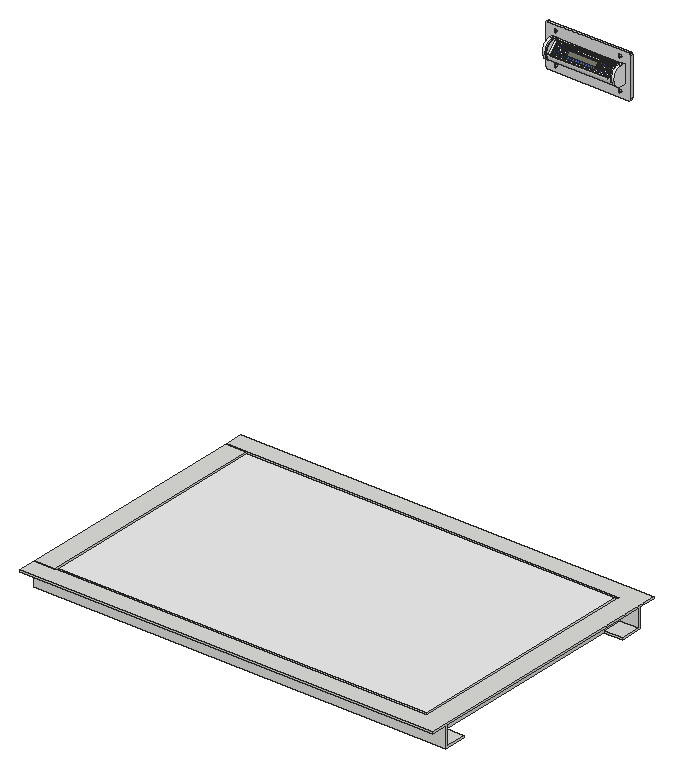
Revit family "Scale-SR_Scales-SR463iR-3", category Specialty Equipment, Revit 2020
Family settings
  Round Connector Dimension = Use Diameter
  Part Type = Normal
  OmniClass Number = 23.40.70.11.14.11
  OmniClass Title = Medical Equipment
  Work Plane-Based = No
  Always vertical = Yes
  Cut with Voids When Loaded = No
  Shared = No
  Room Calculation Point = No
Parameters (values of type "SR463iR-3")
  Wall Plate Center Elevation = 53"
  URL = "http://www.srinstruments.com/"
  Show Printer = no
  Show Handrail = no
  Power Supply = "110v AC, 50 - 60 Hz"  # constant formula
  Memory Recall = "Recalls Last Stored Weight"  # constant formula
  Maximum Weight Capacity = "1000 lbs or 454 kg"  # constant formula
  Frame Distance to Wall = 12"  # constant formula
  Product Page URL = "https://srinstruments.com/scales/SR463iR3"
  Platform Width = 50"
  Platform Size = "32'' x 50'' (81 cm x 127 cm)"  # constant formula
  Platform Depth = 32"
  Pit Depth = 3"
  Model = "SR463iR-3"
  Manufacturer Phone Number = "1.800.654.6360"  # constant formula
  Manufacturer Email Contact = "mailto:info-request@srinstruments.com?Subject=Revit Inquiry"
  Manufacturer Address 1 = "600 Young Street"  # constant formula
  Manufacturer Address  2 = "Tonawanda, NY 14150"  # constant formula
  Manufacturer = "SR Scales by SR Instruments, Inc."
  Display Units = "Pounds / Kilograms"  # constant formula
  Display Type = "16-Character Dot-Matrix LCD"  # constant formula
  Display Resolution = "0.1 lb / 0.1 kg"  # constant formula
  Description = "32\" x 50\" In-Floor Platform Scale"
  Default Elevation = 0"
  Creator URL = "http://www.revituspro.com/"
  Created By = "Revitus"  # constant formula
  Copyright Notice = "© SR Instruments, Inc.  All Rights Reserved."  # constant formula
  Control Panel Offset from Center = 12"
  Calibration = "Traceable to NIST Standards"  # constant formula
  BIM Version Available (Earliest) = "2017"  # constant formula
  BIM Version = "v4.1"  # constant formula
  Averaging = "Automatic Digital Filter"  # constant formula
  Auto Zero = "One Button Auto-Tare"  # constant formula
  Auto Power Down = "30 to 300 Seconds"  # constant formula
  Assembly Code = "E1020810"
  Accuracy = "0.1% +/- 1 Digit of Displayed Resolution"  # constant formula
Types (5): name | Show Printer | Show Handrail | Model | Description
  (no name) | no | no | "SR463iR-3" | "32\" x 50\" In-Floor Platform Scale"
  SR463iR-3 | no | no | "SR463iR-3" | "32\" x 50\" In-Floor Platform Scale"
  SR463iR-3P | yes | no | "SR463iR-3P" | "32\" x 50\" In-Floor Platform Scale with Printer"
  SR463iR-3H | no | yes | "SR463iR-3H" | "32\" x 50\" In-Floor Platform Scale with Handrail"
  SR463iR-3PH | yes | yes | "SR463iR-3PH" | "32\" x 50\" In-Floor Platform Scale with Printer and Handrail"
Reference planes (in)
  plane 1 "Face of Wall": y = 0
  plane 2: z = 0
  plane 3 "Center (Left/Right)": x = 0
  plane 4 "Platform - Left": x = -25
  plane 5 "Platform - Right": x = 25
  plane 6 "Platform - Front": y = -44
  plane 7 "Platform - Back": y = -12
  plane 8 "Top": z = 33.625
  plane 9 "Left": x = -28
  plane 10 "Right": x = 28
  plane 11 "Frame - Front": y = -46.75
  plane 12 "Frame - Bottom": z = -2.75
  plane 13 "Platform - Top": z = 0.25
  plane 14 "Frame Front Rail - Back": y = -41.5
  plane 15: y = -44.25
  plane 16: z = -2.5
  plane 17: y = -44.5
  plane 18: y = -9.25
  plane 19: y = -14.5
  plane 20: y = -11.75
  plane 21: y = -11.5
  plane 22 "Platform - Bottom": z = -0.75
  plane 23: x = -25.5
  plane 24: x = -25.25
  plane 25: x = -22.5
  plane 26: x = 25.5
  plane 27: x = 25.25
  plane 28: x = 22.5
  plane 29 "Handrail - Left": x = -23.125
  plane 30 "Handrail - Right": x = 23.125
  plane 31 "Handrail Centerline (Front/Back)": y = -13.25
  plane 32: x = 12
  plane 33: x = -21.625
  plane 34: x = -24.625
  plane 35: x = 21.625
  plane 36: x = 24.625
  plane 37 "Handrail Floor Plate - Top": z = 0.5
  plane 38: y = -12.125
  plane 39: y = -14.375
Forms (in)
  Extrusion 1, solid, material "SR Scales - Platform", detail levels medium+fine
    sketch origin (0, 0, 0) x (1, 0, 0) y (0, 0, 1)
      loop
        line (-25, 0.25) -> (-25, -0.75) -> (25, -0.75) -> (25, 0.25) -> (-25, 0.25)
    from 12 to 44
  Extrusion 2, solid, material "SR Scales - Frame", detail levels medium+fine
    sketch origin (0, 0, 0) x (1, 0, 0) y (0, 0, 1)
      loop
        line (-28, 0.25) -> (-28, 0) -> (-25.5, 0) -> (-25.5, -2.75) -> (-22.5, -2.75) -> (-22.5, -2.5) -> (-25.25, -2.5) -> (-25.25, 0.25) -> (-28, 0.25)
    from 11.75 to 44.25
  Extrusion 3, solid, material "SR Scales - Frame", detail levels medium+fine
    sketch origin (0, 0, 0) x (0, 1, 0) y (0, 0, 1)
      loop
        line (-46.75, 0) -> (-44.5, 0) -> (-44.5, -2.75) -> (-41.5, -2.75) -> (-41.5, -2.5) -> (-44.25, -2.5) -> (-44.25, 0.25) -> (-46.75, 0.25) -> (-46.75, 0)
    from -28 to 28
  Extrusion 4, solid, material "SR Scales - Frame", detail levels medium+fine
    sketch origin (0, -44, 0) x (0, -1, 0) y (0, 0, -1)
      loop
        line (-34.75, 0) -> (-34.75, -0.25) -> (-32.25, -0.25) -> (-32.25, 2.5) -> (-29.5, 2.5) -> (-29.5, 2.75) -> (-32.5, 2.75) -> (-32.5, 0) -> (-34.75, 0)
    from -28 to 28
  Extrusion 5, solid, material "SR Scales - Frame", detail levels medium+fine
    sketch origin (0, 0, 0) x (-1, 0, 0) y (0, 0, -1)
      loop
        line (-28, -0.25) -> (-25.25, -0.25) -> (-25.25, 2.5) -> (-22.5, 2.5) -> (-22.5, 2.75) -> (-25.5, 2.75) -> (-25.5, 0) -> (-28, 0) -> (-28, -0.25)
    from 11.75 to 44.25
  Sweep 6, solid, material "SR Scales - Handrail", visible <- "Show Handrail"
    path origin (0, -13.25, 0) x (-1, 0, 0) y (0, 0, 1)
      loop
        line (-23.125, 0.25) -> (-23.125, 27.625)
        arc (-23.125, 27.625) -> (-21.36764, 31.86764) -> (-17.125, 33.625) r 6
        line (-17.125, 33.625) -> (17.125, 33.625)
        arc (17.125, 33.625) -> (21.36764, 31.86764) -> (23.125, 27.625) r 6
        line (23.125, 27.625) -> (23.125, 0.25)
    profile origin (-23.125, -13.25, 13.9375) x (0, 1, 0) y (-1, 0, 0)
      loop
        circle (0, 0) r 0.625
  Extrusion 7, solid, material "SR Scales - Handrail", visible <- "Show Handrail", detail levels medium+fine
    sketch origin (0, 0, 0) x (1, 0, 0) y (0, 1, 0)
      loop
        line (-24.625, -12.125) -> (-24.625, -14.375) -> (-21.625, -14.375) -> (-21.625, -12.125) -> (-24.625, -12.125)
      loop
        line (21.625, -12.125) -> (21.625, -14.375) -> (24.625, -14.375) -> (24.625, -12.125) -> (21.625, -12.125)
    from 0.25 to 0.5
  Extrusion 8, solid, material "SR Scales - Platform", detail levels coarse
    sketch origin (0, 0, 0) x (1, 0, 0) y (0, 1, 0)
      loop
        line (-28, -9.25) -> (-28, -46.75) -> (28, -46.75) -> (28, -9.25) -> (-28, -9.25)
    from -2.75 to 0.25
Cuts and joins
  joined: Extrusion 3, Extrusion 4, Extrusion 5
Lines and regions (in)
  model lines, style "Scale - Platform", detail levels coarse
    curve 1: line (-25, -12, 0.25) -> (-25, -44, 0.25)
    curve 2: line (-25, -12, 0.25) -> (25, -12, 0.25)
    curve 3: line (-25, -44, 0.25) -> (25, -44, 0.25)
    curve 4: line (25, -12, 0.25) -> (25, -44, 0.25)
Dimensions and locks (in)
  equal spacing: plane 4 "Platform - Left", plane 3 "Center (Left/Right)", plane 5 "Platform - Right"
  "Platform Width": plane 4 "Platform - Left" to plane 5 "Platform - Right"
  "Platform Depth": plane 6 "Platform - Front" to plane 7 "Platform - Back"
  plane 8 "Top" to plane 13 "Platform - Top" = 33 3/8"
  plane 25 to plane 4 "Platform - Left" to plane 24 to plane 9 "Left" = 2 1/2" locked, 1/4" locked, 2 3/4" locked
  plane 11 "Frame - Front" to plane 15 to plane 6 "Platform - Front" to plane 14 "Frame Front Rail - Back" = 2 1/2" locked, 1/4" locked, 2 1/2" locked
  locked: plane 13 "Platform - Top" to plane 2 at 0.25
  "Pit Depth": plane 13 "Platform - Top" to plane 12 "Frame - Bottom"
  locked: plane 16 to plane 12 "Frame - Bottom" at 0.25
  locked: plane 17 to plane 15 at 0.25
  plane 18 to plane 20 to plane 7 "Platform - Back" to plane 19 = 2 1/2" locked, 1/4" locked, 2 1/2" locked
  locked: plane 21 to plane 20 at 0.25
  locked: plane 13 "Platform - Top" to plane 22 "Platform - Bottom" at 1
  locked: plane 24 to plane 23 at 0.25
  plane 28 to plane 5 "Platform - Right" to plane 27 to plane 10 "Right" = 2 1/2" locked, 1/4" locked, 2 3/4" locked
  locked: plane 27 to plane 26 at 0.25
  locked: plane 29 "Handrail - Left" to plane 4 "Platform - Left" at 1.875
  locked: plane 30 "Handrail - Right" to plane 5 "Platform - Right" at 1.875
  locked: plane 7 "Platform - Back" to plane 31 "Handrail Centerline (Front/Back)" at 1.25
  "Frame Distance to Wall": plane 7 "Platform - Back" to plane 1 "Face of Wall"
  "Control Panel Offset from Center": plane 32 to plane 3 "Center (Left/Right)"
  plane 34 to plane 29 "Handrail - Left" to plane 33 = 1 1/2" locked, 1 1/2" locked
  plane 36 to plane 30 "Handrail - Right" to plane 35 = 1 1/2" locked, 1 1/2" locked
  locked: plane 37 "Handrail Floor Plate - Top" to plane 13 "Platform - Top" at 0.25
  plane 38 to plane 31 "Handrail Centerline (Front/Back)" to plane 39 = 1 1/8" locked, 1 1/8" locked
  radius of Sweep 6 sketch curve = 6"  (x2)
  aligned and locked: level to plane 2
  aligned and locked: Extrusion 1 to plane 6 "Platform - Front"
  aligned and locked: plane 7 "Platform - Back" to Extrusion 1
  aligned and locked: Extrusion 3 to plane 10 "Right"
  aligned and locked: Extrusion 3 to plane 9 "Left"
  aligned and locked: Extrusion 3 sketch curve to plane 11 "Frame - Front"
  aligned and locked: Extrusion 3 sketch curve to plane 13 "Platform - Top"
  aligned and locked: Extrusion 3 sketch curve to level
  aligned and locked: Extrusion 3 sketch curve to plane 17
  aligned and locked: Extrusion 3 sketch curve to plane 15
  aligned and locked: Extrusion 3 sketch curve to plane 16
  aligned and locked: Extrusion 3 sketch curve to plane 12 "Frame - Bottom"
  aligned and locked: Extrusion 3 sketch curve to plane 14 "Frame Front Rail - Back"
  aligned and locked: plane 18 to Extrusion 4 sketch curve
  aligned and locked: plane 21 to Extrusion 4 sketch curve
  aligned and locked: plane 20 to Extrusion 4 sketch curve
  aligned and locked: plane 19 to Extrusion 4 sketch curve
  aligned and locked: Extrusion 1 to plane 22 "Platform - Bottom"
  aligned and locked: plane 13 "Platform - Top" to Extrusion 1
  aligned and locked: Extrusion 1 sketch curve to plane 4 "Platform - Left"
  aligned and locked: plane 5 "Platform - Right" to Extrusion 1 sketch curve
  aligned and locked: Extrusion 4 to plane 9 "Left"
  aligned and locked: Extrusion 4 to plane 10 "Right"
  aligned and locked: Extrusion 2 sketch curve to plane 9 "Left"
  aligned and locked: Extrusion 2 sketch curve to plane 13 "Platform - Top"
  aligned and locked: Extrusion 2 sketch curve to level
  aligned and locked: Extrusion 2 sketch curve to plane 16
  aligned and locked: Extrusion 2 sketch curve to plane 12 "Frame - Bottom"
  aligned and locked: Extrusion 2 sketch curve to plane 24
  aligned and locked: Extrusion 2 sketch curve to plane 23
  aligned and locked: Extrusion 2 sketch curve to plane 25
  aligned and locked: plane 15 to Extrusion 2
  aligned and locked: plane 20 to Extrusion 2
  aligned and locked: plane 27 to Extrusion 5 sketch curve
  aligned and locked: plane 26 to Extrusion 5 sketch curve
  aligned and locked: plane 28 to Extrusion 5 sketch curve
  aligned and locked: Extrusion 5 to plane 20
  aligned and locked: plane 15 to Extrusion 5
  aligned and locked: plane 10 "Right" to Extrusion 5 sketch curve
  aligned and locked: plane 13 "Platform - Top" to Extrusion 5 sketch curve
  aligned and locked: level to Extrusion 5 sketch curve
  aligned and locked: plane 12 "Frame - Bottom" to Extrusion 5 sketch curve
  aligned and locked: plane 16 to Extrusion 5 sketch curve
  aligned and locked: plane 32 to nested 1
  aligned and locked: plane 1 "Face of Wall" to nested 1
  aligned and locked: plane 29 "Handrail - Left" to Sweep 6 sketch curve
  aligned and locked: plane 8 "Top" to Sweep 6 sketch curve
  aligned and locked: Sweep 6 sketch curve to plane 30 "Handrail - Right"
  aligned and locked: plane 13 "Platform - Top" to Sweep 6 sketch curve  (x2)
  aligned and locked: Extrusion 7 to plane 13 "Platform - Top"
  aligned and locked: plane 37 "Handrail Floor Plate - Top" to Extrusion 7
  aligned and locked: Extrusion 7 sketch curve to plane 38  (x2)
  aligned and locked: plane 34 to Extrusion 7 sketch curve
  aligned and locked: Extrusion 7 sketch curve to plane 33
  aligned and locked: plane 39 to Extrusion 7 sketch curve  (x2)
  aligned and locked: plane 35 to Extrusion 7 sketch curve
  aligned and locked: Extrusion 7 sketch curve to plane 36
  aligned and locked: Extrusion 8 sketch curve to plane 9 "Left"
  aligned and locked: plane 18 to Extrusion 8 sketch curve
  aligned and locked: plane 10 "Right" to Extrusion 8 sketch curve
  aligned and locked: Extrusion 8 sketch curve to plane 11 "Frame - Front"
  aligned and locked: Extrusion 8 to plane 12 "Frame - Bottom"
  aligned and locked: plane 13 "Platform - Top" to Extrusion 8
  aligned and locked: curve 1 to plane 4 "Platform - Left"
  aligned and locked: curve 2 to plane 7 "Platform - Back"
  aligned and locked: curve 3 to plane 6 "Platform - Front"
  aligned and locked: plane 5 "Platform - Right" to curve 4
Automatic sketch dimensions
  Extrusion 1 sketch curve to plane 22 "Platform - Bottom" = 0"
  Extrusion 1 sketch curve to plane 13 "Platform - Top" = 0"
  Extrusion 4 sketch curve to plane 12 "Frame - Bottom" = 0"
  Extrusion 4 sketch curve to plane 16 = 0"
  Extrusion 4 sketch curve to level = 0"
  Extrusion 4 sketch curve to plane 13 "Platform - Top" = 0"
  Sweep 6 sketch curve to plane 31 "Handrail Centerline (Front/Back)" = 0"
  Sweep 6 sketch curve to profile plane = 0"
  radius of Sweep 6 sketch curve = 5/8"
Nested families (in)
  nested 1: "Display-Wall_Panel-SR463iR" at (12, 0, 53), built-in parameter 1001364 <- "Wall Plate Center Elevation", type "Display-Wall_Panel-SR463iR"
Definition of nested family "Display-Wall_Panel-SR463iR"
  Parameters (values of type "Display-Wall_Panel-SR463iR")
    Show Printer = no
    No Printer = not(Show Printer)  # yes
    Manufacturer Phone Number = ""
    Manufacturer Email Contact = ""
    Manufacturer Address 1 = ""
    Manufacturer Address  2 = ""
    Default Elevation = 0"
    Creator URL = ""
    Created By = ""
    Copyright Notice = ""
    BIM Version Available (Earliest) = ""
    BIM Version = ""
  Reference planes (in)
    plane 1 "Center (Front/Back)": y = 0
    plane 2: z = 0
    plane 3 "Center (Left/Right)": x = 0
    plane 4: y = -0.25
  Forms (in)
    Extrusion 1, solid, visible <- "Show Printer", detail levels fine
      sketch origin (-31.99871, 3, -32.9043) x (1, 0, 0) y (0, 0, 1)
        loop
          arc (30.12371, 29.9093) -> (30.16178, 29.81737) -> (30.25371, 29.7793) r 0.13
          line (30.25371, 29.7793) -> (33.74371, 29.7793)
          arc (33.74371, 29.7793) -> (33.83563, 29.81737) -> (33.87371, 29.9093) r 0.13
          line (33.87371, 29.9093) -> (33.87371, 34.1493)
          arc (33.87371, 34.1493) -> (33.83563, 34.24122) -> (33.74371, 34.2793) r 0.13
          line (33.74371, 34.2793) -> (30.25371, 34.2793)
          arc (30.25371, 34.2793) -> (30.16178, 34.24122) -> (30.12371, 34.1493) r 0.13
          line (30.12371, 34.1493) -> (30.12371, 29.9093)
        loop
          line (30.56171, 30.0293) -> (33.43571, 30.0293)
          arc (33.43571, 30.0293) -> (33.48025, 30.04775) -> (33.49871, 30.0923) r 0.063
          line (33.49871, 30.0923) -> (33.49871, 32.5913)
          arc (33.49871, 32.5913) -> (33.48025, 32.63584) -> (33.43571, 32.6543) r 0.063
          line (33.43571, 32.6543) -> (33.24871, 32.6543)
          arc (33.24871, 32.6543) -> (33.21209, 32.74268) -> (33.12371, 32.7793) r 0.125
          line (33.12371, 32.7793) -> (30.87371, 32.7793)
          arc (30.87371, 32.7793) -> (30.78532, 32.74268) -> (30.74871, 32.6543) r 0.125
          line (30.74871, 32.6543) -> (30.56171, 32.6543)
          arc (30.56171, 32.6543) -> (30.51716, 32.63584) -> (30.49871, 32.5913) r 0.063
          line (30.49871, 32.5913) -> (30.49871, 30.0923)
          arc (30.49871, 30.0923) -> (30.51716, 30.04775) -> (30.56171, 30.0293) r 0.063
        loop
          line (33.40521, 32.7793) -> (33.59221, 32.7793) -> (33.59221, 33.4693) -> (33.40521, 33.4693) -> (33.40521, 32.7793)
      from 3.25 to 3.375
    Extrusion 2, solid, visible <- "Show Printer", detail levels medium+fine
      sketch origin (0, 3, -32.9043) x (0, 0, -1) y (0, -1, 0)
        loop
          line (-32.3293, 3.375) -> (-32.6043, 3.375) -> (-32.6043, 3.25) -> (-30.0793, 3.25) -> (-30.0793, 3.33642)
          arc (-30.0793, 3.33642) -> (-30.08872, 3.36956) -> (-30.11416, 3.39279) r 0.063
          arc (-30.11416, 3.39279) -> (-30.99803, 3.62272) -> (-31.8993, 3.475) r 2.20628
          arc (-31.8993, 3.475) -> (-32.11073, 3.40966) -> (-32.3293, 3.375) r 1.55486
      from -1.45 to 1.45
    Extrusion 3, void
      sketch origin (-31.99871, 3, -32.9043) x (1, 0, 0) y (0, 0, 1)
        loop
          line (33.24871, 32.6043) -> (30.74871, 32.6043)
          arc (30.74871, 32.6043) -> (30.78532, 32.51591) -> (30.87371, 32.4793) r 0.125
          line (30.87371, 32.4793) -> (33.12371, 32.4793)
          arc (33.12371, 32.4793) -> (33.21209, 32.51591) -> (33.24871, 32.6043) r 0.125
      from 3.25 to 3.375
    Extrusion 4, solid, visible <- "Show Printer", detail levels coarse+medium
      sketch origin (-31.99871, 3, -32.9043) x (1, 0, 0) y (0, 0, 1)
        loop
          line (30.24871, 29.7793) -> (33.74871, 29.7793)
          arc (33.74871, 29.7793) -> (33.83709, 29.81591) -> (33.87371, 29.9043) r 0.125
          line (33.87371, 29.9043) -> (33.87371, 34.1543)
          arc (33.87371, 34.1543) -> (33.83709, 34.24268) -> (33.74871, 34.2793) r 0.125
          line (33.74871, 34.2793) -> (30.24871, 34.2793)
          arc (30.24871, 34.2793) -> (30.16032, 34.24268) -> (30.12371, 34.1543) r 0.125
          line (30.12371, 34.1543) -> (30.12371, 29.9043)
          arc (30.12371, 29.9043) -> (30.16032, 29.81591) -> (30.24871, 29.7793) r 0.125
      from 3.25 to 3.375
    Extrusion 5, solid, visible <- "Show Printer"
      sketch origin (0, 0, -53) x (1, 0, 0) y (0, 0, 1)
        loop
          line (-5.75, 58.5) -> (-5.75, 49.125)
          arc (-5.75, 49.125) -> (-5.67678, 48.94822) -> (-5.5, 48.875) r 0.25
          line (-5.5, 48.875) -> (5.5, 48.875)
          arc (5.5, 48.875) -> (5.67678, 48.94822) -> (5.75, 49.125) r 0.25
          line (5.75, 49.125) -> (5.75, 58.5)
          arc (5.75, 58.5) -> (5.67678, 58.67678) -> (5.5, 58.75) r 0.25
          line (5.5, 58.75) -> (-5.5, 58.75)
          arc (-5.5, 58.75) -> (-5.67678, 58.67678) -> (-5.75, 58.5) r 0.25
        loop
          circle (-4.375, 49.625) r 0.25
        loop
          circle (4.375, 49.625) r 0.25
        loop
          circle (-4.375, 58) r 0.25
        loop
          circle (4.375, 58) r 0.25
      from 0 to 0.25
    Extrusion 6, solid
      sketch origin (0, 0, -52.8012) x (0, 1, 0) y (0, 0, 1)
        loop
          arc (-0.75, 57.0512) -> (-2, 55.8012) -> (-0.75, 54.5512) r 1.25
          line (-0.75, 54.5512) -> (-0.375, 54.5512)
          arc (-0.375, 54.5512) -> (-0.28661, 54.58781) -> (-0.25, 54.6762) r 0.125
          line (-0.25, 54.6762) -> (-0.25, 56.9262)
          arc (-0.25, 56.9262) -> (-0.28661, 57.01459) -> (-0.375, 57.0512) r 0.125
          line (-0.375, 57.0512) -> (-0.75, 57.0512)
      from -4.25 to 4.375
    Extrusion 7, void
      sketch origin (0, 0, -56.3012) x (0, 1, 0) y (0, 0, 1)
        loop
          line (-1.86474, 59.1797) -> (-0.6273, 60.41714) -> (-0.71569, 60.50552) -> (-0.68832, 60.53289)
          arc (-0.68832, 60.53289) -> (-0.66804, 60.54644) -> (-0.64413, 60.5512) r 0.0625
          line (-0.64413, 60.5512) -> (-0.5, 60.5512) -> (-0.5, 60.8012) -> (-0.75, 60.8012)
          arc (-0.75, 60.8012) -> (-1.88001, 60.28764) -> (-2.23626, 59.09862) r 1.5
          line (-2.23626, 59.09862) -> (-1.98348, 59.09862)
          arc (-1.98348, 59.09862) -> (-1.99211, 59.16094) -> (-1.99759, 59.22362) r 1.25
          line (-1.99759, 59.22362) -> (-1.95312, 59.26809) -> (-1.86474, 59.1797)
      from -4.25 to 4.24871
    Extrusion 8, solid, detail levels medium+fine
      sketch origin (0, 0, -52.8012) x (0, 1, 0) y (0, 0, 1)
        loop
          arc (-0.75, 57.0512) -> (-2, 55.8012) -> (-0.75, 54.5512) r 1.25
          line (-0.75, 54.5512) -> (-0.375, 54.5512)
          arc (-0.375, 54.5512) -> (-0.28661, 54.58781) -> (-0.25, 54.6762) r 0.125
          line (-0.25, 54.6762) -> (-0.25, 56.9262)
          arc (-0.25, 56.9262) -> (-0.28661, 57.01459) -> (-0.375, 57.0512) r 0.125
          line (-0.375, 57.0512) -> (-0.75, 57.0512)
      from -4.875 to -4.5
    Extrusion 9, solid
      sketch origin (0.5, 0, -52.8012) x (0, 1, 0) y (0, 0, 1)
        loop
          arc (-0.75, 57.0512) -> (-2, 55.8012) -> (-0.75, 54.5512) r 1.25
          line (-0.75, 54.5512) -> (-0.375, 54.5512)
          arc (-0.375, 54.5512) -> (-0.28661, 54.58781) -> (-0.25, 54.6762) r 0.125
          line (-0.25, 54.6762) -> (-0.25, 56.9262)
          arc (-0.25, 56.9262) -> (-0.28661, 57.01459) -> (-0.375, 57.0512) r 0.125
          line (-0.375, 57.0512) -> (-0.75, 57.0512)
      from -4.875 to -4.75
    Extrusion 10, solid, detail levels medium+fine
      sketch origin (0, 0, -52.8012) x (0, 1, 0) y (0, 0, -1)
        loop
          line (-0.75, -57.0512) -> (-0.375, -57.0512)
          arc (-0.375, -57.0512) -> (-0.28661, -57.01459) -> (-0.25, -56.9262) r 0.125
          line (-0.25, -56.9262) -> (-0.25, -54.6762)
          arc (-0.25, -54.6762) -> (-0.28661, -54.58781) -> (-0.375, -54.5512) r 0.125
          line (-0.375, -54.5512) -> (-0.75, -54.5512)
          arc (-0.75, -54.5512) -> (-2, -55.8012) -> (-0.75, -57.0512) r 1.25
      from -4.875 to -4.5
    Extrusion 11, solid
      sketch origin (-0.5, 0, -52.8012) x (0, 1, 0) y (0, 0, -1)
        loop
          line (-0.75, -57.0512) -> (-0.375, -57.0512)
          arc (-0.375, -57.0512) -> (-0.28661, -57.01459) -> (-0.25, -56.9262) r 0.125
          line (-0.25, -56.9262) -> (-0.25, -54.6762)
          arc (-0.25, -54.6762) -> (-0.28661, -54.58781) -> (-0.375, -54.5512) r 0.125
          line (-0.375, -54.5512) -> (-0.75, -54.5512)
          arc (-0.75, -54.5512) -> (-2, -55.8012) -> (-0.75, -57.0512) r 1.25
      from -4.875 to -4.75
    Extrusion 12, solid, visible <- "Show Printer", detail levels fine
      sketch origin (0, 0, -51.625) x (0, 1, 0) y (0, 0, 1)
        loop
          line (-0.25, 51.53125) -> (-0.25, 52.17166) -> (-0.34058, 52.17166)
          arc (-0.34058, 52.17166) -> (-0.37145, 52.1635) -> (-0.39427, 52.14116) r 0.0625
          arc (-0.39427, 52.14116) -> (-0.47618, 51.93492) -> (-0.48926, 51.71338) r 0.69841
          arc (-0.48926, 51.71338) -> (-0.45912, 51.61847) -> (-0.39334, 51.54371) r 0.2423
          arc (-0.39334, 51.54371) -> (-0.37563, 51.53445) -> (-0.3559, 51.53125) r 0.0625
          line (-0.3559, 51.53125) -> (-0.25, 51.53125)
      from 1.4375 to 1.5625
    Extrusion 13, solid, visible <- "Show Printer", detail levels fine
      sketch origin (0, 0, 0) x (1, 0, 0) y (0, 0, 1)
        loop
          circle (-4.375, 5) r 0.1875
        loop
          circle (4.375, 5) r 0.1875
        loop
          circle (-4.375, -3.375) r 0.1875
        loop
          circle (4.375, -3.375) r 0.1875
      from 0 to 0.1875
    Extrusion 14, solid, detail levels medium+fine
      sketch origin (9.65958, -0.24913, 4.49411) x (-1, 0, 0) y (0, -0.707107, -0.707107)
        loop
          line (13.90958, 0.65981) -> (13.90958, 2.15981)
          arc (13.90958, 2.15981) -> (13.87296, 2.2482) -> (13.78458, 2.28481) r 0.125
          line (13.78458, 2.28481) -> (5.53458, 2.28481)
          arc (5.53458, 2.28481) -> (5.44619, 2.2482) -> (5.40958, 2.15981) r 0.125
          line (5.40958, 2.15981) -> (5.40958, 0.65981)
          arc (5.40958, 0.65981) -> (5.44619, 0.57142) -> (5.53458, 0.53481) r 0.125
          line (5.53458, 0.53481) -> (13.78458, 0.53481)
          arc (13.78458, 0.53481) -> (13.87296, 0.57142) -> (13.90958, 0.65981) r 0.125
        loop
          line (13.53458, 0.72231) -> (13.53458, 2.09731)
          arc (13.53458, 2.09731) -> (13.51627, 2.14151) -> (13.47208, 2.15981) r 0.0625
          line (13.47208, 2.15981) -> (5.84837, 2.15981)
          arc (5.84837, 2.15981) -> (5.80418, 2.14151) -> (5.78587, 2.09731) r 0.0625
          line (5.78587, 2.09731) -> (5.78587, 0.72231)
          arc (5.78587, 0.72231) -> (5.80418, 0.67812) -> (5.84837, 0.65981) r 0.0625
          line (5.84837, 0.65981) -> (13.47208, 0.65981)
          arc (13.47208, 0.65981) -> (13.51627, 0.67812) -> (13.53458, 0.72231) r 0.0625
      from 0 to 0.125
    Extrusion 15, solid, detail levels medium+fine
      sketch origin (8.28587, -6.87826, -2.13502) x (-1, 0, 0) y (0, -0.707107, -0.707107)
        loop
          line (6.28587, -7.59019) -> (6.28587, -8.34019) -> (10.28587, -8.34019) -> (10.28587, -7.59019) -> (6.28587, -7.59019)
      from 0 to 0.125
    Extrusion 16, solid, detail levels medium+fine
      sketch origin (8.28587, -4.72754, 0.0157) x (-1, 0, 0) y (0, -0.707107, -0.707107)
        loop
          arc (6.28587, -4.29861) -> (6.19748, -4.33522) -> (6.16087, -4.42361) r 0.125
          line (6.16087, -4.42361) -> (6.16087, -5.29861)
          arc (6.16087, -5.29861) -> (6.19748, -5.387) -> (6.28587, -5.42361) r 0.125
          line (6.28587, -5.42361) -> (10.28587, -5.42361)
          arc (10.28587, -5.42361) -> (10.37426, -5.387) -> (10.41087, -5.29861) r 0.125
          line (10.41087, -5.29861) -> (10.41087, -4.42361)
          arc (10.41087, -4.42361) -> (10.37426, -4.33522) -> (10.28587, -4.29861) r 0.125
          line (10.28587, -4.29861) -> (6.28587, -4.29861)
        loop
          line (6.28587, -4.54861) -> (6.28587, -5.29861) -> (10.28587, -5.29861) -> (10.28587, -4.54861) -> (6.28587, -4.54861)
        loop
          arc (4.75462, -4.36111) -> (4.68833, -4.38857) -> (4.66087, -4.45486) r 0.09375
          line (4.66087, -4.45486) -> (4.66087, -4.76736)
          arc (4.66087, -4.76736) -> (4.68833, -4.83365) -> (4.75462, -4.86111) r 0.09375
          line (4.75462, -4.86111) -> (5.06712, -4.86111)
          arc (5.06712, -4.86111) -> (5.13341, -4.83365) -> (5.16087, -4.76736) r 0.09375
          line (5.16087, -4.76736) -> (5.16087, -4.45486)
          arc (5.16087, -4.45486) -> (5.13341, -4.38857) -> (5.06712, -4.36111) r 0.09375
          line (5.06712, -4.36111) -> (4.75462, -4.36111)
        loop
          line (5.06712, -4.42361) -> (4.75462, -4.42361)
          arc (4.75462, -4.42361) -> (4.73252, -4.43276) -> (4.72337, -4.45486) r 0.03125
          line (4.72337, -4.45486) -> (4.72337, -4.76736)
          arc (4.72337, -4.76736) -> (4.73252, -4.78946) -> (4.75462, -4.79861) r 0.03125
          line (4.75462, -4.79861) -> (5.06712, -4.79861)
          arc (5.06712, -4.79861) -> (5.08922, -4.78946) -> (5.09837, -4.76736) r 0.03125
          line (5.09837, -4.76736) -> (5.09837, -4.45486)
          arc (5.09837, -4.45486) -> (5.08922, -4.43276) -> (5.06712, -4.42361) r 0.03125
        loop
          arc (5.50462, -4.36111) -> (5.43833, -4.38857) -> (5.41087, -4.45486) r 0.09375
          line (5.41087, -4.45486) -> (5.41087, -4.76736)
          arc (5.41087, -4.76736) -> (5.43833, -4.83365) -> (5.50462, -4.86111) r 0.09375
          line (5.50462, -4.86111) -> (5.81712, -4.86111)
          arc (5.81712, -4.86111) -> (5.88341, -4.83365) -> (5.91087, -4.76736) r 0.09375
          line (5.91087, -4.76736) -> (5.91087, -4.45486)
          arc (5.91087, -4.45486) -> (5.88341, -4.38857) -> (5.81712, -4.36111) r 0.09375
          line (5.81712, -4.36111) -> (5.50462, -4.36111)
        loop
          line (5.81712, -4.42361) -> (5.50462, -4.42361)
          arc (5.50462, -4.42361) -> (5.48252, -4.43276) -> (5.47337, -4.45486) r 0.03125
          line (5.47337, -4.45486) -> (5.47337, -4.76736)
          arc (5.47337, -4.76736) -> (5.48252, -4.78946) -> (5.50462, -4.79861) r 0.03125
          line (5.50462, -4.79861) -> (5.81712, -4.79861)
          arc (5.81712, -4.79861) -> (5.83922, -4.78946) -> (5.84837, -4.76736) r 0.03125
          line (5.84837, -4.76736) -> (5.84837, -4.45486)
          arc (5.84837, -4.45486) -> (5.83922, -4.43276) -> (5.81712, -4.42361) r 0.03125
        loop
          arc (5.50462, -4.98611) -> (5.43833, -5.01357) -> (5.41087, -5.07986) r 0.09375
          line (5.41087, -5.07986) -> (5.41087, -5.39236)
          arc (5.41087, -5.39236) -> (5.43833, -5.45865) -> (5.50462, -5.48611) r 0.09375
          line (5.50462, -5.48611) -> (5.81712, -5.48611)
          arc (5.81712, -5.48611) -> (5.88341, -5.45865) -> (5.91087, -5.39236) r 0.09375
          line (5.91087, -5.39236) -> (5.91087, -5.07986)
          arc (5.91087, -5.07986) -> (5.88341, -5.01357) -> (5.81712, -4.98611) r 0.09375
          line (5.81712, -4.98611) -> (5.50462, -4.98611)
        loop
          line (5.81712, -5.04861) -> (5.50462, -5.04861)
          arc (5.50462, -5.04861) -> (5.48252, -5.05776) -> (5.47337, -5.07986) r 0.03125
          line (5.47337, -5.07986) -> (5.47337, -5.39236)
          arc (5.47337, -5.39236) -> (5.48252, -5.41446) -> (5.50462, -5.42361) r 0.03125
          line (5.50462, -5.42361) -> (5.81712, -5.42361)
          arc (5.81712, -5.42361) -> (5.83922, -5.41446) -> (5.84837, -5.39236) r 0.03125
          line (5.84837, -5.39236) -> (5.84837, -5.07986)
          arc (5.84837, -5.07986) -> (5.83922, -5.05776) -> (5.81712, -5.04861) r 0.03125
        loop
          arc (4.75462, -4.98611) -> (4.68833, -5.01357) -> (4.66087, -5.07986) r 0.09375
          line (4.66087, -5.07986) -> (4.66087, -5.39236)
          arc (4.66087, -5.39236) -> (4.68833, -5.45865) -> (4.75462, -5.48611) r 0.09375
          line (4.75462, -5.48611) -> (5.06712, -5.48611)
          arc (5.06712, -5.48611) -> (5.13341, -5.45865) -> (5.16087, -5.39236) r 0.09375
          line (5.16087, -5.39236) -> (5.16087, -5.07986)
          arc (5.16087, -5.07986) -> (5.13341, -5.01357) -> (5.06712, -4.98611) r 0.09375
          line (5.06712, -4.98611) -> (4.75462, -4.98611)
        loop
          line (5.06712, -5.04861) -> (4.75462, -5.04861)
          arc (4.75462, -5.04861) -> (4.73252, -5.05776) -> (4.72337, -5.07986) r 0.03125
          line (4.72337, -5.07986) -> (4.72337, -5.39236)
          arc (4.72337, -5.39236) -> (4.73252, -5.41446) -> (4.75462, -5.42361) r 0.03125
          line (4.75462, -5.42361) -> (5.06712, -5.42361)
          arc (5.06712, -5.42361) -> (5.08922, -5.41446) -> (5.09837, -5.39236) r 0.03125
          line (5.09837, -5.39236) -> (5.09837, -5.07986)
          arc (5.09837, -5.07986) -> (5.08922, -5.05776) -> (5.06712, -5.04861) r 0.03125
        loop
          line (11.81712, -4.36111) -> (11.50462, -4.36111)
          arc (11.50462, -4.36111) -> (11.43833, -4.38857) -> (11.41087, -4.45486) r 0.09375
          line (11.41087, -4.45486) -> (11.41087, -4.76736)
          arc (11.41087, -4.76736) -> (11.43833, -4.83365) -> (11.50462, -4.86111) r 0.09375
          line (11.50462, -4.86111) -> (11.81712, -4.86111)
          arc (11.81712, -4.86111) -> (11.88341, -4.83365) -> (11.91087, -4.76736) r 0.09375
          line (11.91087, -4.76736) -> (11.91087, -4.45486)
          arc (11.91087, -4.45486) -> (11.88341, -4.38857) -> (11.81712, -4.36111) r 0.09375
        loop
          arc (11.50462, -4.42361) -> (11.48252, -4.43276) -> (11.47337, -4.45486) r 0.03125
          line (11.47337, -4.45486) -> (11.47337, -4.76736)
          arc (11.47337, -4.76736) -> (11.48252, -4.78946) -> (11.50462, -4.79861) r 0.03125
          line (11.50462, -4.79861) -> (11.81712, -4.79861)
          arc (11.81712, -4.79861) -> (11.83922, -4.78946) -> (11.84837, -4.76736) r 0.03125
          line (11.84837, -4.76736) -> (11.84837, -4.45486)
          arc (11.84837, -4.45486) -> (11.83922, -4.43276) -> (11.81712, -4.42361) r 0.03125
          line (11.81712, -4.42361) -> (11.50462, -4.42361)
        loop
          line (11.06712, -4.36111) -> (10.75462, -4.36111)
          arc (10.75462, -4.36111) -> (10.68833, -4.38857) -> (10.66087, -4.45486) r 0.09375
          line (10.66087, -4.45486) -> (10.66087, -4.76736)
          arc (10.66087, -4.76736) -> (10.68833, -4.83365) -> (10.75462, -4.86111) r 0.09375
          line (10.75462, -4.86111) -> (11.06712, -4.86111)
          arc (11.06712, -4.86111) -> (11.13341, -4.83365) -> (11.16087, -4.76736) r 0.09375
          line (11.16087, -4.76736) -> (11.16087, -4.45486)
          arc (11.16087, -4.45486) -> (11.13341, -4.38857) -> (11.06712, -4.36111) r 0.09375
        loop
          arc (10.75462, -4.42361) -> (10.73252, -4.43276) -> (10.72337, -4.45486) r 0.03125
          line (10.72337, -4.45486) -> (10.72337, -4.76736)
          arc (10.72337, -4.76736) -> (10.73252, -4.78946) -> (10.75462, -4.79861) r 0.03125
          line (10.75462, -4.79861) -> (11.06712, -4.79861)
          arc (11.06712, -4.79861) -> (11.08922, -4.78946) -> (11.09837, -4.76736) r 0.03125
          line (11.09837, -4.76736) -> (11.09837, -4.45486)
          arc (11.09837, -4.45486) -> (11.08922, -4.43276) -> (11.06712, -4.42361) r 0.03125
          line (11.06712, -4.42361) -> (10.75462, -4.42361)
        loop
          line (11.06712, -4.98611) -> (10.75462, -4.98611)
          arc (10.75462, -4.98611) -> (10.68833, -5.01357) -> (10.66087, -5.07986) r 0.09375
          line (10.66087, -5.07986) -> (10.66087, -5.39236)
          arc (10.66087, -5.39236) -> (10.68833, -5.45865) -> (10.75462, -5.48611) r 0.09375
          line (10.75462, -5.48611) -> (11.06712, -5.48611)
          arc (11.06712, -5.48611) -> (11.13341, -5.45865) -> (11.16087, -5.39236) r 0.09375
          line (11.16087, -5.39236) -> (11.16087, -5.07986)
          arc (11.16087, -5.07986) -> (11.13341, -5.01357) -> (11.06712, -4.98611) r 0.09375
        loop
          arc (10.75462, -5.04861) -> (10.73252, -5.05776) -> (10.72337, -5.07986) r 0.03125
          line (10.72337, -5.07986) -> (10.72337, -5.39236)
          arc (10.72337, -5.39236) -> (10.73252, -5.41446) -> (10.75462, -5.42361) r 0.03125
          line (10.75462, -5.42361) -> (11.06712, -5.42361)
          arc (11.06712, -5.42361) -> (11.08922, -5.41446) -> (11.09837, -5.39236) r 0.03125
          line (11.09837, -5.39236) -> (11.09837, -5.07986)
          arc (11.09837, -5.07986) -> (11.08922, -5.05776) -> (11.06712, -5.04861) r 0.03125
          line (11.06712, -5.04861) -> (10.75462, -5.04861)
        loop
          line (11.81712, -4.98611) -> (11.50462, -4.98611)
          arc (11.50462, -4.98611) -> (11.43833, -5.01357) -> (11.41087, -5.07986) r 0.09375
          line (11.41087, -5.07986) -> (11.41087, -5.39236)
          arc (11.41087, -5.39236) -> (11.43833, -5.45865) -> (11.50462, -5.48611) r 0.09375
          line (11.50462, -5.48611) -> (11.81712, -5.48611)
          arc (11.81712, -5.48611) -> (11.88341, -5.45865) -> (11.91087, -5.39236) r 0.09375
          line (11.91087, -5.39236) -> (11.91087, -5.07986)
          arc (11.91087, -5.07986) -> (11.88341, -5.01357) -> (11.81712, -4.98611) r 0.09375
        loop
          arc (11.50462, -5.04861) -> (11.48252, -5.05776) -> (11.47337, -5.07986) r 0.03125
          line (11.47337, -5.07986) -> (11.47337, -5.39236)
          arc (11.47337, -5.39236) -> (11.48252, -5.41446) -> (11.50462, -5.42361) r 0.03125
          line (11.50462, -5.42361) -> (11.81712, -5.42361)
          arc (11.81712, -5.42361) -> (11.83922, -5.41446) -> (11.84837, -5.39236) r 0.03125
          line (11.84837, -5.39236) -> (11.84837, -5.07986)
          arc (11.84837, -5.07986) -> (11.83922, -5.05776) -> (11.81712, -5.04861) r 0.03125
          line (11.81712, -5.04861) -> (11.50462, -5.04861)
      from 0 to 0.125
    Extrusion 17, solid, detail levels medium+fine
      sketch origin (8.28587, -4.04983, 0.69341) x (-1, 0, 0) y (0, -0.707107, -0.707107)
        loop
          line (12.16087, -4.65269) -> (12.16087, -3.27769)
          arc (12.16087, -3.27769) -> (12.14256, -3.23349) -> (12.09837, -3.21519) r 0.0625
          line (12.09837, -3.21519) -> (4.47337, -3.21519)
          arc (4.47337, -3.21519) -> (4.42918, -3.23349) -> (4.41087, -3.27769) r 0.0625
          line (4.41087, -3.27769) -> (4.41087, -4.65269)
          arc (4.41087, -4.65269) -> (4.42918, -4.69688) -> (4.47337, -4.71519) r 0.0625
          line (4.47337, -4.71519) -> (12.09837, -4.71519)
          arc (12.09837, -4.71519) -> (12.14256, -4.69688) -> (12.16087, -4.65269) r 0.0625
        loop
          line (10.41087, -4.34019) -> (10.41087, -3.46519)
          arc (10.41087, -3.46519) -> (10.37426, -3.3768) -> (10.28587, -3.34019) r 0.125
          line (10.28587, -3.34019) -> (6.28587, -3.34019)
          arc (6.28587, -3.34019) -> (6.19748, -3.3768) -> (6.16087, -3.46519) r 0.125
          line (6.16087, -3.46519) -> (6.16087, -4.34019)
          arc (6.16087, -4.34019) -> (6.19748, -4.42858) -> (6.28587, -4.46519) r 0.125
          line (6.28587, -4.46519) -> (10.28587, -4.46519)
          arc (10.28587, -4.46519) -> (10.37426, -4.42858) -> (10.41087, -4.34019) r 0.125
        loop
          arc (4.75462, -3.40269) -> (4.68833, -3.43015) -> (4.66087, -3.49644) r 0.09375
          line (4.66087, -3.49644) -> (4.66087, -3.80894)
          arc (4.66087, -3.80894) -> (4.68833, -3.87523) -> (4.75462, -3.90269) r 0.09375
          line (4.75462, -3.90269) -> (5.06712, -3.90269)
          arc (5.06712, -3.90269) -> (5.13341, -3.87523) -> (5.16087, -3.80894) r 0.09375
          line (5.16087, -3.80894) -> (5.16087, -3.49644)
          arc (5.16087, -3.49644) -> (5.13341, -3.43015) -> (5.06712, -3.40269) r 0.09375
          line (5.06712, -3.40269) -> (4.75462, -3.40269)
        loop
          arc (4.75462, -3.46519) -> (4.73252, -3.47434) -> (4.72337, -3.49644) r 0.03125
          line (4.72337, -3.49644) -> (4.72337, -3.80894)
          arc (4.72337, -3.80894) -> (4.73252, -3.83104) -> (4.75462, -3.84019) r 0.03125
          line (4.75462, -3.84019) -> (5.06712, -3.84019)
          arc (5.06712, -3.84019) -> (5.08922, -3.83104) -> (5.09837, -3.80894) r 0.03125
          line (5.09837, -3.80894) -> (5.09837, -3.49644)
          arc (5.09837, -3.49644) -> (5.08922, -3.47434) -> (5.06712, -3.46519) r 0.03125
          line (5.06712, -3.46519) -> (4.75462, -3.46519)
        loop
          arc (5.50462, -3.40269) -> (5.43833, -3.43015) -> (5.41087, -3.49644) r 0.09375
          line (5.41087, -3.49644) -> (5.41087, -3.80894)
          arc (5.41087, -3.80894) -> (5.43833, -3.87523) -> (5.50462, -3.90269) r 0.09375
          line (5.50462, -3.90269) -> (5.81712, -3.90269)
          arc (5.81712, -3.90269) -> (5.88341, -3.87523) -> (5.91087, -3.80894) r 0.09375
          line (5.91087, -3.80894) -> (5.91087, -3.49644)
          arc (5.91087, -3.49644) -> (5.88341, -3.43015) -> (5.81712, -3.40269) r 0.09375
          line (5.81712, -3.40269) -> (5.50462, -3.40269)
        loop
          arc (5.50462, -3.46519) -> (5.48252, -3.47434) -> (5.47337, -3.49644) r 0.03125
          line (5.47337, -3.49644) -> (5.47337, -3.80894)
          arc (5.47337, -3.80894) -> (5.48252, -3.83104) -> (5.50462, -3.84019) r 0.03125
          line (5.50462, -3.84019) -> (5.81712, -3.84019)
          arc (5.81712, -3.84019) -> (5.83922, -3.83104) -> (5.84837, -3.80894) r 0.03125
          line (5.84837, -3.80894) -> (5.84837, -3.49644)
          arc (5.84837, -3.49644) -> (5.83922, -3.47434) -> (5.81712, -3.46519) r 0.03125
          line (5.81712, -3.46519) -> (5.50462, -3.46519)
        loop
          arc (4.75462, -4.02769) -> (4.68833, -4.05515) -> (4.66087, -4.12144) r 0.09375
          line (4.66087, -4.12144) -> (4.66087, -4.43394)
          arc (4.66087, -4.43394) -> (4.68833, -4.50023) -> (4.75462, -4.52769) r 0.09375
          line (4.75462, -4.52769) -> (5.06712, -4.52769)
          arc (5.06712, -4.52769) -> (5.13341, -4.50023) -> (5.16087, -4.43394) r 0.09375
          line (5.16087, -4.43394) -> (5.16087, -4.12144)
          arc (5.16087, -4.12144) -> (5.13341, -4.05515) -> (5.06712, -4.02769) r 0.09375
          line (5.06712, -4.02769) -> (4.75462, -4.02769)
        loop
          arc (4.75462, -4.09019) -> (4.73252, -4.09934) -> (4.72337, -4.12144) r 0.03125
          line (4.72337, -4.12144) -> (4.72337, -4.43394)
          arc (4.72337, -4.43394) -> (4.73252, -4.45604) -> (4.75462, -4.46519) r 0.03125
          line (4.75462, -4.46519) -> (5.06712, -4.46519)
          arc (5.06712, -4.46519) -> (5.08922, -4.45604) -> (5.09837, -4.43394) r 0.03125
          line (5.09837, -4.43394) -> (5.09837, -4.12144)
          arc (5.09837, -4.12144) -> (5.08922, -4.09934) -> (5.06712, -4.09019) r 0.03125
          line (5.06712, -4.09019) -> (4.75462, -4.09019)
        loop
          arc (5.50462, -4.02769) -> (5.43833, -4.05515) -> (5.41087, -4.12144) r 0.09375
          line (5.41087, -4.12144) -> (5.41087, -4.43394)
          arc (5.41087, -4.43394) -> (5.43833, -4.50023) -> (5.50462, -4.52769) r 0.09375
          line (5.50462, -4.52769) -> (5.81712, -4.52769)
          arc (5.81712, -4.52769) -> (5.88341, -4.50023) -> (5.91087, -4.43394) r 0.09375
          line (5.91087, -4.43394) -> (5.91087, -4.12144)
          arc (5.91087, -4.12144) -> (5.88341, -4.05515) -> (5.81712, -4.02769) r 0.09375
          line (5.81712, -4.02769) -> (5.50462, -4.02769)
        loop
          arc (5.50462, -4.09019) -> (5.48252, -4.09934) -> (5.47337, -4.12144) r 0.03125
          line (5.47337, -4.12144) -> (5.47337, -4.43394)
          arc (5.47337, -4.43394) -> (5.48252, -4.45604) -> (5.50462, -4.46519) r 0.03125
          line (5.50462, -4.46519) -> (5.81712, -4.46519)
          arc (5.81712, -4.46519) -> (5.83922, -4.45604) -> (5.84837, -4.43394) r 0.03125
          line (5.84837, -4.43394) -> (5.84837, -4.12144)
          arc (5.84837, -4.12144) -> (5.83922, -4.09934) -> (5.81712, -4.09019) r 0.03125
          line (5.81712, -4.09019) -> (5.50462, -4.09019)
        loop
          line (11.81712, -3.40269) -> (11.50462, -3.40269)
          arc (11.50462, -3.40269) -> (11.43833, -3.43015) -> (11.41087, -3.49644) r 0.09375
          line (11.41087, -3.49644) -> (11.41087, -3.80894)
          arc (11.41087, -3.80894) -> (11.43833, -3.87523) -> (11.50462, -3.90269) r 0.09375
          line (11.50462, -3.90269) -> (11.81712, -3.90269)
          arc (11.81712, -3.90269) -> (11.88341, -3.87523) -> (11.91087, -3.80894) r 0.09375
          line (11.91087, -3.80894) -> (11.91087, -3.49644)
          arc (11.91087, -3.49644) -> (11.88341, -3.43015) -> (11.81712, -3.40269) r 0.09375
        loop
          line (11.81712, -3.46519) -> (11.50462, -3.46519)
          arc (11.50462, -3.46519) -> (11.48252, -3.47434) -> (11.47337, -3.49644) r 0.03125
          line (11.47337, -3.49644) -> (11.47337, -3.80894)
          arc (11.47337, -3.80894) -> (11.48252, -3.83104) -> (11.50462, -3.84019) r 0.03125
          line (11.50462, -3.84019) -> (11.81712, -3.84019)
          arc (11.81712, -3.84019) -> (11.83922, -3.83104) -> (11.84837, -3.80894) r 0.03125
          line (11.84837, -3.80894) -> (11.84837, -3.49644)
          arc (11.84837, -3.49644) -> (11.83922, -3.47434) -> (11.81712, -3.46519) r 0.03125
        loop
          line (11.06712, -3.40269) -> (10.75462, -3.40269)
          arc (10.75462, -3.40269) -> (10.68833, -3.43015) -> (10.66087, -3.49644) r 0.09375
          line (10.66087, -3.49644) -> (10.66087, -3.80894)
          arc (10.66087, -3.80894) -> (10.68833, -3.87523) -> (10.75462, -3.90269) r 0.09375
          line (10.75462, -3.90269) -> (11.06712, -3.90269)
          arc (11.06712, -3.90269) -> (11.13341, -3.87523) -> (11.16087, -3.80894) r 0.09375
          line (11.16087, -3.80894) -> (11.16087, -3.49644)
          arc (11.16087, -3.49644) -> (11.13341, -3.43015) -> (11.06712, -3.40269) r 0.09375
        loop
          line (11.06712, -3.46519) -> (10.75462, -3.46519)
          arc (10.75462, -3.46519) -> (10.73252, -3.47434) -> (10.72337, -3.49644) r 0.03125
          line (10.72337, -3.49644) -> (10.72337, -3.80894)
          arc (10.72337, -3.80894) -> (10.73252, -3.83104) -> (10.75462, -3.84019) r 0.03125
          line (10.75462, -3.84019) -> (11.06712, -3.84019)
          arc (11.06712, -3.84019) -> (11.08922, -3.83104) -> (11.09837, -3.80894) r 0.03125
          line (11.09837, -3.80894) -> (11.09837, -3.49644)
          arc (11.09837, -3.49644) -> (11.08922, -3.47434) -> (11.06712, -3.46519) r 0.03125
        loop
          line (11.81712, -4.02769) -> (11.50462, -4.02769)
          arc (11.50462, -4.02769) -> (11.43833, -4.05515) -> (11.41087, -4.12144) r 0.09375
          line (11.41087, -4.12144) -> (11.41087, -4.43394)
          arc (11.41087, -4.43394) -> (11.43833, -4.50023) -> (11.50462, -4.52769) r 0.09375
          line (11.50462, -4.52769) -> (11.81712, -4.52769)
          arc (11.81712, -4.52769) -> (11.88341, -4.50023) -> (11.91087, -4.43394) r 0.09375
          line (11.91087, -4.43394) -> (11.91087, -4.12144)
          arc (11.91087, -4.12144) -> (11.88341, -4.05515) -> (11.81712, -4.02769) r 0.09375
        loop
          line (11.81712, -4.09019) -> (11.50462, -4.09019)
          arc (11.50462, -4.09019) -> (11.48252, -4.09934) -> (11.47337, -4.12144) r 0.03125
          line (11.47337, -4.12144) -> (11.47337, -4.43394)
          arc (11.47337, -4.43394) -> (11.48252, -4.45604) -> (11.50462, -4.46519) r 0.03125
          line (11.50462, -4.46519) -> (11.81712, -4.46519)
          arc (11.81712, -4.46519) -> (11.83922, -4.45604) -> (11.84837, -4.43394) r 0.03125
          line (11.84837, -4.43394) -> (11.84837, -4.12144)
          arc (11.84837, -4.12144) -> (11.83922, -4.09934) -> (11.81712, -4.09019) r 0.03125
        loop
          line (11.06712, -4.02769) -> (10.75462, -4.02769)
          arc (10.75462, -4.02769) -> (10.68833, -4.05515) -> (10.66087, -4.12144) r 0.09375
          line (10.66087, -4.12144) -> (10.66087, -4.43394)
          arc (10.66087, -4.43394) -> (10.68833, -4.50023) -> (10.75462, -4.52769) r 0.09375
          line (10.75462, -4.52769) -> (11.06712, -4.52769)
          arc (11.06712, -4.52769) -> (11.13341, -4.50023) -> (11.16087, -4.43394) r 0.09375
          line (11.16087, -4.43394) -> (11.16087, -4.12144)
          arc (11.16087, -4.12144) -> (11.13341, -4.05515) -> (11.06712, -4.02769) r 0.09375
        loop
          line (11.06712, -4.09019) -> (10.75462, -4.09019)
          arc (10.75462, -4.09019) -> (10.73252, -4.09934) -> (10.72337, -4.12144) r 0.03125
          line (10.72337, -4.12144) -> (10.72337, -4.43394)
          arc (10.72337, -4.43394) -> (10.73252, -4.45604) -> (10.75462, -4.46519) r 0.03125
          line (10.75462, -4.46519) -> (11.06712, -4.46519)
          arc (11.06712, -4.46519) -> (11.08922, -4.45604) -> (11.09837, -4.43394) r 0.03125
          line (11.09837, -4.43394) -> (11.09837, -4.12144)
          arc (11.09837, -4.12144) -> (11.08922, -4.09934) -> (11.06712, -4.09019) r 0.03125
      from 0 to 0.125
    Extrusion 18, solid, visible <- "No Printer"
      sketch origin (0, 0, -53) x (1, 0, 0) y (0, 0, 1)
        loop
          line (-5.75, 58.5) -> (-5.75, 53.25)
          arc (-5.75, 53.25) -> (-5.67678, 53.07322) -> (-5.5, 53) r 0.25
          line (-5.5, 53) -> (5.5, 53)
          arc (5.5, 53) -> (5.67678, 53.07322) -> (5.75, 53.25) r 0.25
          line (5.75, 53.25) -> (5.75, 58.5)
          arc (5.75, 58.5) -> (5.67678, 58.67678) -> (5.5, 58.75) r 0.25
          line (5.5, 58.75) -> (-5.5, 58.75)
          arc (-5.5, 58.75) -> (-5.67678, 58.67678) -> (-5.75, 58.5) r 0.25
        loop
          circle (-4.375, 53.75) r 0.25
        loop
          circle (4.375, 53.75) r 0.25
        loop
          circle (-4.375, 58) r 0.25
        loop
          circle (4.375, 58) r 0.25
      from 0 to 0.25
    Extrusion 19, solid, visible <- "No Printer", detail levels fine
      sketch origin (0, 0, 0) x (1, 0, 0) y (0, 0, 1)
        loop
          circle (-4.375, 5) r 0.1875
        loop
          circle (4.375, 5) r 0.1875
        loop
          circle (-4.375, 0.75) r 0.1875
        loop
          circle (4.375, 0.75) r 0.1875
      from 0 to 0.1875
  Cuts and joins
    Extrusion 3 cuts Extrusion 2
    Extrusion 3 cuts Extrusion 4
    Extrusion 7 cuts Extrusion 6
    joined: Extrusion 6, Extrusion 9, Extrusion 11
  Dimensions and locks (in)
    locked: plane 4 to plane 1 "Center (Front/Back)" at 0.25
    aligned and locked: plane 2 to level
    aligned and locked: Extrusion 5 to plane 4
